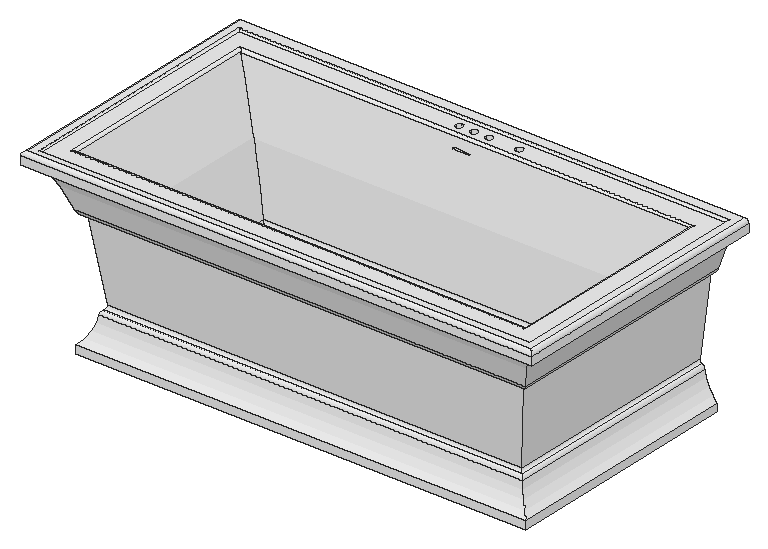
Revit family "Freestanding_Tub-American_Standard-Town_Square-2546004.020", category Plumbing Fixtures, Revit 2021
Family settings
  Round Connector Dimension = Use Diameter
  Part Type = Normal
  OmniClass Number = 23.45.05.14.21
  OmniClass Title = Bathtubs
  Work Plane-Based = Yes
  Always vertical = No
  Cut with Voids When Loaded = No
  Shared = Yes
  Room Calculation Point = No
Parameters (values of type "2546004.020")
  Width = 36"  # constant formula
  Weight (kg) = "163 Lbs. (74 Kg.)-782 Lbs. (355 Kg.)"  # constant formula
  Waste Connection Diameter = 2 3/16"  # constant formula
  Waste Connection = yes
  Warranty Information = "Limited Lifetime Warranty"  # constant formula
  WFU = 4
  Vent Connection = no
  URL = "https://www.americanstandard-us.com/"
  Type Comments = "Deck mount filler and overflow cover sold separately"
  Supply Width = 4"
  Shower void = if(Shower, 24 53/64", 18")  # 24 53/64"
  Shower Width = 6"
  Shower Connection Size = if(Shower, 1/2", 0")  # 1/2"
  Shower = yes
  Revised Date = "02/09/2022"  # constant formula
  Product Page URL = "https://www.americanstandard-us.com/Freestanding-Bathtubs/Town-Square-S-68-x-36-Inch-Freestanding-Bathtub-Center-Drain-With-Integrated-Overflow/WHITE-2546004020"
  Product Documentation Link = "https://americanstandard.box.com/shared/static/wdcfxbf309wz78pamqscjf4nhqgpeowz.pdf"
  Price = "Prices may vary. Please consult Manufacturer Representative for most up-to-date price list."  # constant formula
  Model = "2546004.020"
  Manufacturer = "American Standard"  # constant formula
  Length = 68"  # constant formula
  IAPMO Z124 = yes
  Hot Water Connection Diameter = Cold Water Connection Diameter  # 1/2"
  Height = 24 7/16"  # constant formula
  Description = "Town Square® S Freestanding Tub High Gloss Acrylic"  # constant formula
  Cold Water Connection Diameter = 1/2"  # constant formula
  CSA B45.5-11 = yes
  Assembly Code = "D2010510"
  Material = "High Gloss Acrylic-American Standard-020-White"
  Installation Type = "Floor Mounted"  # constant formula
  HWFU = 3
  HW Connection = yes
  Finish = High Gloss Acrylic-American Standard-020-White
  Default Elevation = 0"
  Creation Date = "5/15/2018"  # constant formula
  CWFU = 3
  CW Connection = yes
Reference planes (in)
  plane 1 "Center (Front/Back)": y = 0
  plane 2: z = 0
  plane 3 "Center (Left/Right)": x = 0
  plane 4: x = -34
  plane 5: x = 34
  plane 6: y = -18
  plane 7: y = 18
  plane 8: y = -0.6875
  plane 9: x = -2
  plane 10: x = 2
  plane 11: y = 14.9415115
  plane 12: z = 24.4375
  plane 13: y = 13.5321699
  plane 14: x = 6
  plane 15: z = 21
  plane 16: x = -28.625
  plane 17: x = 28.625
Forms (in)
  Sweep 1, solid, material "High Gloss Acrylic-American Standard-020-White" <- "Finish"
    path origin (0, 0, 0) x (1, 0, 0) y (0, 1, 0)
      loop
        line (34, 18) -> (34, -18) -> (-34, -18) -> (-34, 18)
    profile origin (-34, 0, 0) x (-1, 0, 0) y (0, 0, 1)
      loop
        line (-4.1268215, 0) -> (-4.1268215, 1)
        arc (-4.1268215, 1) -> (-5.2827462, 2.5931307) -> (-5.8264921, 4.484841) r 5.6880968
        arc (-5.8264921, 4.484841) -> (-5.9397125, 4.7925998) -> (-6.1851139, 5.0101142) r 0.6718812
        arc (-6.1851139, 5.0101142) -> (-6.4125378, 5.232017) -> (-6.4784245, 5.5428568) r 0.5475131
        arc (-6.4784245, 5.5428568) -> (-5.8749293, 10.9849057) -> (-5.0011837, 16.3901504) r 109.9199003
        arc (-5.0011837, 16.3901504) -> (-4.4065945, 16.5929574) -> (-4.0458827, 17.1073055) r 1.0131113
        arc (-4.0458827, 17.1073055) -> (-2.9499435, 20.0401003) -> (-1.5037787, 22.8169646) r 25.5689638
        line (-1.5037787, 22.8169646) -> (0, 22.8169646) -> (0, 23.9071699)
        arc (0, 23.9071699) -> (-0.1553301, 24.2821699) -> (-0.5303301, 24.4375) r 0.5303301
        line (-0.5303301, 24.4375) -> (-1.3428301, 24.4375)
        arc (-1.3428301, 24.4375) -> (-1.4160534, 24.2607233) -> (-1.5928301, 24.1875) r 0.25
        line (-1.5928301, 24.1875) -> (-3.7611539, 24.1875)
        arc (-3.7611539, 24.1875) -> (-3.9907072, 24.1231146) -> (-4.1532933, 23.9487416) r 0.4414063
        arc (-4.1532933, 23.9487416) -> (-7.5809374, 15.8573565) -> (-9.7391476, 7.3390593) r 57.656558
        arc (-9.7391476, 7.3390593) -> (-10.0806053, 6.7448905) -> (-10.7244158, 6.5100756) r 1
        line (-10.7244158, 6.5100756) -> (-11.6268215, 6.5100756) -> (-11.6268215, 4.442574) -> (-7.3295037, 4.442574)
        arc (-7.3295037, 4.442574) -> (-6.7929754, 2.2921419) -> (-5.6268215, 0.4073855) r 7.1880968
        line (-5.6268215, 0.4073855) -> (-5.6268215, 0) -> (-4.1268215, 0)
  Extrusion 2, solid, material "High Gloss Acrylic-American Standard-020-White" <- "Finish"
    sketch origin (0, 0, 0) x (1, 0, 0) y (0, 1, 0)
      loop
        line (-22.3731785, -6.3731785) -> (22.3731785, -6.3731785) -> (22.3731785, 9.124835) -> (-22.3731785, 9.124835) -> (-22.3731785, -6.3731785)
    from 4.442574 to 6.5100756
  Extrusion 3, void
    sketch origin (0, 0, 0) x (1, 0, 0) y (0, 1, 0)
      loop
        circle (0, -0.6875) r 1.09375
    from 4.442574 to 6.5100756
  Extrusion 4, void
    sketch origin (0, 0, 0) x (1, 0, 0) y (0, 1, 0)
      loop
        circle (-2, 14.9415115) r 0.5
      loop
        circle (2, 14.9415115) r 0.5
      loop
        circle (0, 14.9415115) r 0.5
    from 23.2660184 to 24.826462
  Extrusion 5, void
    sketch origin (10.25, 0, 0) x (1, 0, 0) y (0, 1, 0)
      loop
        circle (-4.25, 14.9415115) r 0.5
    from 23.2660184 to 24.828125 <- "Shower void"
  Extrusion 6, solid, not visible
    sketch origin (35.17398, 18, 50.9864193) x (-1, 0, 0) y (0, 0, 1)
      loop
        circle (37.17398, -29.9864193) r 0.5
      loop
        circle (33.17398, -29.9864193) r 0.5
    from -0.1697245 to 0
  Extrusion 7, solid, not visible
    sketch origin (35.1598624, 18, 36.4984196) x (-1, 0, 0) y (0, 0, 1)
      loop
        circle (29.1598624, -15.4984196) r 0.5
    from -0.1697245 to 0
  Extrusion 8, void
    sketch origin (151.6420326, 0, -106.5521918) x (1, 0, 0) y (0, 0, 1)
      loop
        line (-150.7135874, 129.3749736) -> (-152.7961639, 129.3749736)
        arc (-152.7961639, 129.3749736) -> (-152.9211639, 129.2499736) -> (-152.7961639, 129.1249736) r 0.125
        line (-152.7961639, 129.1249736) -> (-150.7135874, 129.1249736)
        arc (-150.7135874, 129.1249736) -> (-150.5885874, 129.2499736) -> (-150.7135874, 129.3749736) r 0.125
    from -13.8731785 to -12.3731785
  Extrusion 9, solid, material "High Gloss Acrylic-American Standard-020-White" <- "Finish"
    sketch origin (0, 0, 0) x (0, 1, 0) y (0, 0, 1)
      loop
        line (18, 24.4375) -> (16.6571699, 24.4375)
        arc (16.6571699, 24.4375) -> (16.5839466, 24.2607233) -> (16.4071699, 24.1875) r 0.25
        line (16.4071699, 24.1875) -> (13.8489865, 24.1875)
        arc (13.8489865, 24.1875) -> (13.5911963, 24.1043631) -> (13.4305489, 23.8862807) r 0.441245
        arc (13.4305489, 23.8862807) -> (11.2871834, 15.7705638) -> (10.2093256, 7.4460759) r 64.8931283
        arc (10.2093256, 7.4460759) -> (9.8954811, 6.7806924) -> (9.2113757, 6.5100756) r 1
        line (9.2113757, 6.5100756) -> (9.124835, 6.5100756) -> (9.124835, 0) -> (18, 0) -> (18, 24.4375)
    from -32.6571699 to 32.6732226
  Extrusion 10, void
    sketch origin (0, 0, 0) x (1, 0, 0) y (0, 0, 1)
      loop
        line (-29.1268215, 0) -> (-26.7880858, 5.2528864) -> (-28.9104756, 20.3544744) -> (-32.0924561, 23.5364549) -> (-35.5924561, 23.5364549) -> (-35.5924561, 0) -> (-29.1268215, 0)
      loop
        line (29.1268215, 0) -> (35.5924561, 0) -> (35.5924561, 23.5364549) -> (32.0924561, 23.5364549) -> (28.9104756, 20.3544744) -> (26.7880858, 5.2528864) -> (29.1268215, 0)
    from -18 to -6.9983601
Cuts and joins
  Extrusion 3, Extrusion 10 cuts Extrusion 2
  Extrusion 4, Extrusion 5, Extrusion 8, Extrusion 10 cuts Extrusion 9
  joined: Sweep 1, Extrusion 2, Extrusion 9
Lines and regions (in)
  Masking region 1
    outline origin (0, 0, 0) x (1, 0, 0) y (0, 1, 0)
      loop
        line (-34, 18) -> (-34, -18) -> (34, -18) -> (34, 18) -> (-34, 18)
  symbolic lines, detail levels medium+fine
    curve 1: line (-32.6571699, 16.6571699, 0) -> (-32.6571699, -16.6571699, 0)
    curve 2: line (-32.6571699, 16.6571699, 0) -> (32.6571699, 16.6571699, 0)
    curve 3: line (32.6571699, -16.6571699, 0) -> (-32.6571699, -16.6571699, 0)
    curve 4: line (32.6571699, -16.6571699, 0) -> (32.6571699, 16.6571699, 0)
    curve 5: circle (0, -0.6875, 0) r 1.09375 normal (0, 0, 1)
    curve 18: circle (-2, 14.9415115, 0) r 0.5 normal (0, 0, 1)
    curve 19: circle (0, 14.9415115, 0) r 0.5 normal (0, 0, 1)
    curve 20: circle (2, 14.9415115, 0) r 0.5 normal (0, 0, 1)
    curve 21: circle (6, 14.9415115, 0) r 0.5 normal (0, 0, 1)
  symbolic lines, detail levels fine
    curve 6: line (-29.8731785, 13.5321699, 0) -> (-29.8731785, -13.8731785, 0)
    curve 7: line (-29.8731785, -13.8731785, 0) -> (29.8731785, -13.8731785, 0)
    curve 8: line (29.8731785, -13.8731785, 0) -> (29.8731785, 13.5321699, 0)
    curve 9: line (29.8731785, 13.5321699, 0) -> (-29.8731785, 13.5321699, 0)
    curve 10: line (-24.2795315, 10.2093256, 0) -> (-29.8144767, 13.4305489, 0)
    curve 11: line (-24.2608524, -8.2608524, 0) -> (-29.8731785, -13.8731785, 0)
    curve 12: line (24.2608524, -8.2608524, 0) -> (29.8731785, -13.8731785, 0)
    curve 13: line (24.2795315, 10.2093256, 0) -> (29.8144767, 13.4305489, 0)
    curve 14: line (-24.2795315, 10.2093256, 0) -> (24.2608524, 10.2093256, 0)
    curve 15: line (-24.2795315, -8.2608524, 0) -> (-24.2795315, 10.2093256, 0)
    curve 16: line (24.2608524, -8.2608524, 0) -> (-24.2795315, -8.2608524, 0)
    curve 17: line (24.2608524, 10.2093256, 0) -> (24.2608524, -8.2608524, 0)
Dimensions and locks (in)
  plane 6 to plane 1 "Center (Front/Back)" to plane 7 = 18", 18"
  plane 4 to plane 3 "Center (Left/Right)" to plane 5 = 34", 34"
  "Length": plane 4 to plane 5
  "Width": plane 6 to plane 7
  equal spacing: plane 9, plane 3 "Center (Left/Right)", plane 10
  "Supply Width": plane 9 to plane 10
  plane 7 to plane 11 = 3.05849"
  "Height": plane 12 to level
  "Shower Width": plane 3 "Center (Left/Right)" to plane 14
  plane 16 to plane 17 = 57 1/4"
  plane 16 to plane 3 "Center (Left/Right)" = 28 5/8"
  plane 3 "Center (Left/Right)" to plane 17 = 28 5/8"
  aligned and locked: plane 4 to Sweep 1 sketch curve
  aligned and locked: Sweep 1 sketch curve to plane 6
  aligned and locked: Sweep 1 sketch curve to plane 5
  aligned and locked: plane 11 to Extrusion 4 sketch curve  (x2)
  aligned and locked: plane 9 to Extrusion 4 sketch curve
  aligned and locked: plane 10 to Extrusion 4 sketch curve
  aligned and locked: plane 11 to Extrusion 5 sketch curve
  aligned and locked: plane 14 to Extrusion 5 sketch curve
  aligned and locked: Extrusion 10 to Sweep 1
  aligned and locked: Extrusion 6 to plane 7
  aligned and locked: Extrusion 7 to plane 7
  aligned and locked: plane 15 to Extrusion 7 sketch curve
  aligned and locked: plane 9 to Extrusion 6 sketch curve
  aligned and locked: plane 15 to Extrusion 6 sketch curve  (x2)
  aligned and locked: plane 10 to Extrusion 6 sketch curve
  aligned and locked: plane 14 to Extrusion 7 sketch curve
  aligned and locked: Masking region 1 sketch curve to cut or joined group of Sweep 1, Extrusion 2, Extrusion 3, Extrusion 4, Extrusion 5, Extrusion 8, Extrusion 9, Extrusion 10  (x4)
  aligned and locked: curve 1 to cut or joined group of Sweep 1, Extrusion 2, Extrusion 3, Extrusion 4, Extrusion 5, Extrusion 8, Extrusion 9, Extrusion 10
  aligned and locked: curve 2 to cut or joined group of Sweep 1, Extrusion 2, Extrusion 3, Extrusion 4, Extrusion 5, Extrusion 8, Extrusion 9, Extrusion 10
  aligned and locked: curve 3 to cut or joined group of Sweep 1, Extrusion 2, Extrusion 3, Extrusion 4, Extrusion 5, Extrusion 8, Extrusion 9, Extrusion 10
  aligned and locked: curve 4 to cut or joined group of Sweep 1, Extrusion 2, Extrusion 3, Extrusion 4, Extrusion 5, Extrusion 8, Extrusion 9, Extrusion 10
  aligned and locked: curve 5 to cut or joined group of Sweep 1, Extrusion 2, Extrusion 3, Extrusion 4, Extrusion 5, Extrusion 8, Extrusion 9, Extrusion 10
  aligned and locked: curve 7 to cut or joined group of Sweep 1, Extrusion 2, Extrusion 3, Extrusion 4, Extrusion 5, Extrusion 8, Extrusion 9, Extrusion 10
  aligned and locked: curve 8 to cut or joined group of Sweep 1, Extrusion 2, Extrusion 3, Extrusion 4, Extrusion 5, Extrusion 8, Extrusion 9, Extrusion 10
  aligned and locked: curve 9 to plane 13
  aligned and locked: curve 14 to cut or joined group of Sweep 1, Extrusion 2, Extrusion 3, Extrusion 4, Extrusion 5, Extrusion 8, Extrusion 9, Extrusion 10
  aligned and locked: curve 15 to cut or joined group of Sweep 1, Extrusion 2, Extrusion 3, Extrusion 4, Extrusion 5, Extrusion 8, Extrusion 9, Extrusion 10
  aligned and locked: curve 16 to cut or joined group of Sweep 1, Extrusion 2, Extrusion 3, Extrusion 4, Extrusion 5, Extrusion 8, Extrusion 9, Extrusion 10
  aligned and locked: curve 17 to cut or joined group of Sweep 1, Extrusion 2, Extrusion 3, Extrusion 4, Extrusion 5, Extrusion 8, Extrusion 9, Extrusion 10
  aligned and locked: curve 18 to cut or joined group of Sweep 1, Extrusion 2, Extrusion 3, Extrusion 4, Extrusion 5, Extrusion 8, Extrusion 9, Extrusion 10
  aligned and locked: curve 19 to cut or joined group of Sweep 1, Extrusion 2, Extrusion 3, Extrusion 4, Extrusion 5, Extrusion 8, Extrusion 9, Extrusion 10
  aligned and locked: curve 20 to cut or joined group of Sweep 1, Extrusion 2, Extrusion 3, Extrusion 4, Extrusion 5, Extrusion 8, Extrusion 9, Extrusion 10
  aligned and locked: curve 21 to cut or joined group of Sweep 1, Extrusion 2, Extrusion 3, Extrusion 4, Extrusion 5, Extrusion 8, Extrusion 9, Extrusion 10
Automatic sketch dimensions
  Extrusion 3 sketch curve to plane 3 "Center (Left/Right)" = 0"
  plane 8 to Extrusion 3 sketch curve = 0"
  Extrusion 8 sketch curve to plane 9 = 0.84587"
  plane 3 "Center (Left/Right)" to Extrusion 8 sketch curve = 0.92845"
  Extrusion 8 sketch curve to plane 12 = 1.86472"
  Extrusion 8 sketch curve to Extrusion 8 sketch curve = 1/8"
  Extrusion 10 sketch curve to level = 0"  (x2)
  Extrusion 10 sketch curve to plane 4 = 1.59246"
  Extrusion 10 sketch curve to plane 12 = 0.90105"  (x2)
  plane 4 to Extrusion 10 sketch curve = 1.90754"
  plane 4 to Extrusion 10 sketch curve = 4.87318"
  Extrusion 10 sketch curve to Extrusion 10 sketch curve = 3.18198"
  Extrusion 10 sketch curve to Extrusion 10 sketch curve = 2.33874"
  Extrusion 10 sketch curve to plane 5 = 7.21191"
  Extrusion 10 sketch curve to plane 5 = 5.08952"
  Extrusion 10 sketch curve to plane 5 = 4.87318"
  Extrusion 10 sketch curve to plane 5 = 1.90754"
  plane 5 to Extrusion 10 sketch curve = 1.59246"
  level to Extrusion 10 sketch curve = 5.25289"  (x2)
  Extrusion 10 sketch curve to plane 12 = 4.08303"  (x2)
  Extrusion 4 sketch curve to plane 3 "Center (Left/Right)" = 0"
  Extrusion 4 sketch curve to plane 11 = 0"
  plane 13 to Extrusion 2 sketch curve = 4.40733"
  plane 4 to Extrusion 2 sketch curve = 11.62682"
  Extrusion 2 sketch curve to plane 5 = 11.62682"
  plane 8 to Extrusion 2 sketch curve = 5.68568"
  plane 7 to Sweep 1 sketch curve = 0"  (x2)
  Sweep 1 sketch curve to Sweep 1 sketch curve = 0"  (x6)
  Sweep 1 sketch curve to level = 0"
  Sweep 1 sketch curve to profile plane = 0"
  profile plane to Sweep 1 sketch curve = 0.17032"
  profile plane to Sweep 1 sketch curve = 0.53033"
  Sweep 1 sketch curve to Sweep 1 sketch curve = 13/16"
  Sweep 1 sketch curve to Sweep 1 sketch curve = 0.97345"
  Sweep 1 sketch curve to Sweep 1 sketch curve = 1/4"
  Sweep 1 sketch curve to Sweep 1 sketch curve = 2.16832"
  level to Sweep 1 sketch curve = 1"
  profile plane to Sweep 1 sketch curve = 4.12682"
  profile plane to Sweep 1 sketch curve = 5.01483"
  Sweep 1 sketch curve to Sweep 1 sketch curve = 1 1/2"
  Sweep 1 sketch curve to Sweep 1 sketch curve = 1.80609"
  Sweep 1 sketch curve to Sweep 1 sketch curve = 0.56169"
  Sweep 1 sketch curve to Sweep 1 sketch curve = 0.8349"
  Sweep 1 sketch curve to Sweep 1 sketch curve = 3.39491"
  Sweep 1 sketch curve to Sweep 1 sketch curve = 0.90241"
  level to Sweep 1 sketch curve = 9.64027"
  Sweep 1 sketch curve to profile plane = 20.40847"
  Sweep 1 sketch curve to level = 2.52115"
  Sweep 1 sketch curve to Sweep 1 sketch curve = 26.65956"
  Sweep 1 sketch curve to level = 3 217/256"
  Sweep 1 sketch curve to Sweep 1 sketch curve = 55.9716"
  Sweep 1 sketch curve to Sweep 1 sketch curve = 0.40739"
  Sweep 1 sketch curve to Sweep 1 sketch curve = 4.00637"
  level to Sweep 1 sketch curve = 4.44257"
  Sweep 1 sketch curve to Sweep 1 sketch curve = 1.01124"
  Sweep 1 sketch curve to Sweep 1 sketch curve = 2.0675"
  Sweep 1 sketch curve to Sweep 1 sketch curve = 1"
  Sweep 1 sketch curve to Sweep 1 sketch curve = 10.06411"
  Sweep 1 sketch curve to Sweep 1 sketch curve = 5.41379"
  Sweep 1 sketch curve to Sweep 1 sketch curve = 0.92913"
  Sweep 1 sketch curve to Sweep 1 sketch curve = 1.09021"
  Sweep 1 sketch curve to Sweep 1 sketch curve = 0.01365"
  Extrusion 9 sketch curve to level = 0"
  Extrusion 9 sketch curve to plane 12 = 0"
  Extrusion 9 sketch curve to plane 7 = 0"
  Extrusion 9 sketch curve to Extrusion 9 sketch curve = 1.34283"
  Extrusion 9 sketch curve to Extrusion 9 sketch curve = 1/4"
  Extrusion 9 sketch curve to plane 13 = 0.31682"
  plane 13 to Extrusion 9 sketch curve = 4.32079"
  plane 13 to Extrusion 9 sketch curve = 4.40733"
  level to Extrusion 9 sketch curve = 3.29294"
  Extrusion 9 sketch curve to plane 7 = 56.96942"
  Extrusion 9 sketch curve to Extrusion 9 sketch curve = 6.51008"
  Extrusion 9 sketch curve to Extrusion 9 sketch curve = 1"
  Extrusion 9 sketch curve to Extrusion 9 sketch curve = 0.44125"
  Extrusion 9 sketch curve to Extrusion 9 sketch curve = 0"
  curve 11 to plane 16 = 1.24818"
  plane 13 to curve 10 = 0.10162"
  curve 6 to curve 10 = 0.0587"
  curve 15 to curve 11 = 0.01868"
  curve 14 to curve 13 = 0.01868"
  plane 13 to curve 13 = 0.10162"
  curve 13 to curve 8 = 0.0587"
  curve 15 to curve 11 = 0"
  curve 14 to curve 13 = 0"
  radius of Extrusion 3 sketch curve = 1 3/32"
  radius of Extrusion 5 sketch curve = 1/2"
  radius of Extrusion 4 sketch curve = 1/2"  (x3)
  radius of Extrusion 6 sketch curve = 1/2"  (x2)
  radius of Extrusion 7 sketch curve = 1/2"
Connectors (in)
  piping at (2, 18, 21), diameter 0.5, driven by "CWFU", driven by "Cold Water Connection Diameter"
    settings: on Extrusion 6, index 1, connector inside diameter 24", connector length 0", flow factor 0, pipe flow 0 GPM, pressure drop 0.00 psi, fitting loss kfactor 0, connector angle 0.00°, fixture units 3, engagement length 0", angle of deflection 0.00°, flow configuration 3, flow direction 1, fitting loss method 0, system type 20, joint type 0, gender type 0, connector reference index -1, connector utility 0, adjustable connector no, is connector primary yes, connector description "1/2\" CW Supply Inlet"
  piping at (-2, 18, 21), diameter 0.5, driven by "Hot Water Connection Diameter", driven by "CWFU"
    settings: on Extrusion 6, index 2, connector inside diameter 24", connector length 0", flow factor 0, pipe flow 0 GPM, pressure drop 0.00 psi, fitting loss kfactor 0, connector angle 0.00°, fixture units 3, engagement length 0", angle of deflection 0.00°, flow configuration 3, flow direction 1, fitting loss method 0, system type 19, joint type 0, gender type 0, connector reference index -1, connector utility 0, adjustable connector no, is connector primary no, connector description "1/2\" HW Supply Inlet"
  piping at (6, 18, 21), diameter 0.5, driven by "Shower Connection Size"
    settings: on Extrusion 7, index 3, connector inside diameter 24", connector length 0", flow factor 0, pipe flow 0 GPM, pressure drop 0.00 psi, fitting loss kfactor 0, connector angle 0.00°, fixture units 0, engagement length 0", angle of deflection 0.00°, flow configuration 0, flow direction 1, fitting loss method 0, system type 29, joint type 0, gender type 0, connector reference index -1, connector utility 0, adjustable connector no, is connector primary no, connector description "1/2\" Global Connection Inlet"
  piping at (0, -0.6875, 4.442574), diameter 2.1875, driven by "WFU", driven by "Waste Connection Diameter"
    settings: on cut or joined group of Sweep 1, Extrusion 2, Extrusion 3, Extrusion 4, Extrusion 5, Extrusion 8, Extrusion 9, Extrusion 10, index 4, connector inside diameter 24", connector length 0", flow factor 0, pipe flow 0 GPM, pressure drop 0.00 psi, fitting loss kfactor 0, connector angle 0.00°, fixture units 4, engagement length 0", angle of deflection 0.00°, flow configuration 3, flow direction 2, fitting loss method 0, system type 16, joint type 0, gender type 0, connector reference index -1, connector utility 0, adjustable connector no, is connector primary no, connector description "2-3/16\" Waste Outlet"
